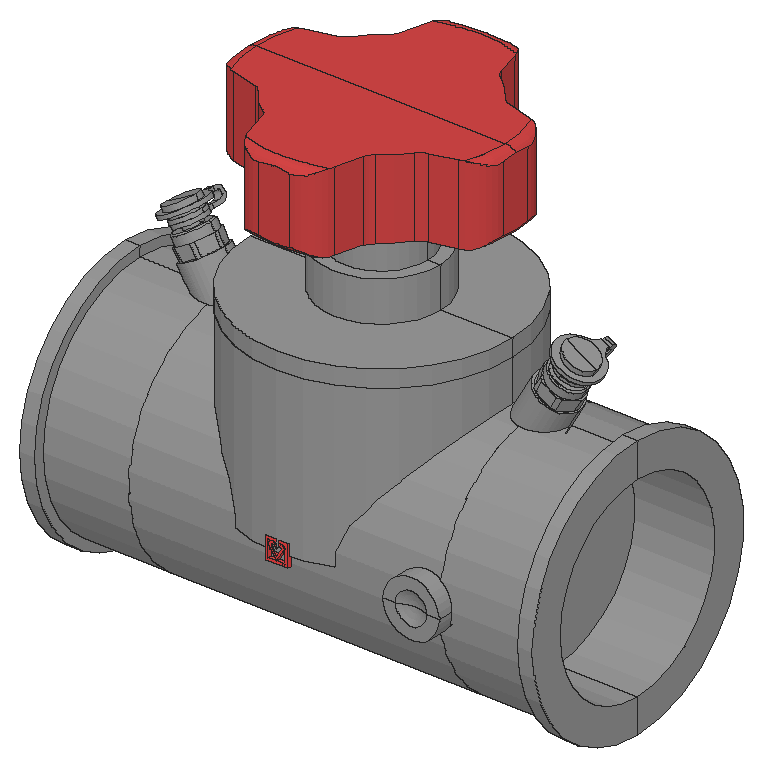
Revit family "Strangregulierventil für Differenzdruckmessung, Geradsitzform 4217 GM", category Rohrzubehör, Revit 2021
Family settings
  Bemaßung runder Anschluss = Durchmesser verwenden
  Teiletyp = Unterbricht
  OmniClass-Nummer = 23.65.55.14
  OmniClass-Titel = Valves for Liquid Services
  Arbeitsebenenbasiert = Nein
  Immer vertikal = Ja
  Beim Laden mit Abzugskörper schneiden = Nein
  Gemeinsam genutzt = Nein
Parameters
  kvs-Wert [instance] = if(Nennweite = 15.00 mm, 6.05, if(Nennweite = 20.00 mm, 6.11, if(Nennweite = 25.00 mm, 9.22, if(Nennweite = 32.00 mm, 18.83, if(Nennweite = 40.00 mm, 23.29, if(Nennweite = 50.00 mm, 35.26, if(Nennweite = 65.00 mm, 52.11, if(Nennweite = 80.00 mm, 76.1, 0))))))))  # 76.1
  W02 = 60.00°  # constant formula
  W01 = 30.00°  # constant formula
  Vorgabe-Ansicht = 0.00 mm
  URL = "www.herz-armaturen.at"
  SC_NennweiteBerechnet = 0
  SC_Dimension = ""
  SCRNSEQ = "ARM;ARM_TYP=\"STRV\";2"
  SCRNCODE = "05;07;02"  # constant formula
  S02 = 60.00 mm  # constant formula
  S01 [instance] = H00 + H01  # 119.31 mm
  R01 [instance] = size_lookup("4217_GM_", "R1", 1.00 mm, Nennweite)  # 53.00 mm
  Nennweite [instance] = 80.00 mm
  Medium = "Heizwasserqualität entsprechend ÖNORM H 5195 bzw. VDI-Richtlinie 2035.\r\nDie Verwendung von Ethylen- und Propylenglykol ist im Mischungsverhältnis 25 - 50 Vol. % zulässig."
  Max. Betriebstemperatur (bis DN32) = 130 °C  # constant formula
  Max. Betriebstemperatur (ab DN40) = 110 °C  # constant formula
  Max. Betriebsdruck = 1600000.0 Pa  # constant formula
  ML02 [instance] = size_lookup("4217_GM_", "ML2", 1.00 mm, Nennweite)  # 70.50 mm
  ML01 [instance] = size_lookup("4217_GM_", "ML1", 1.00 mm, Nennweite)  # 37.35 mm
  MD01 = 9.50 mm  # constant formula
  L02 [instance] = size_lookup("4217_GM_", "L2", 1.00 mm, Nennweite)  # 6.00 mm
  L01 [instance] = size_lookup("4217_GM_", "L1", 1.00 mm, Nennweite)  # 41.30 mm
  L00 [instance] = size_lookup("4217_GM_", "L", 1.00 mm, Nennweite)  # 210.00 mm
  IG [instance] = Nennweite / 2  # 40.00 mm
  Hersteller = "HERZ Armaturen Ges.m.b.H."  # constant formula
  H04 [instance] = size_lookup("4217_GM_", "H4", 1.00 mm, Nennweite)  # 19.00 mm
  H03 = 10.00 mm  # constant formula
  H02 [instance] = size_lookup("4217_GM_", "H2", 1.00 mm, Nennweite)  # 7.00 mm
  H01 [instance] = size_lookup("4217_GM_", "H1", 1.00 mm, Nennweite)  # 52.60 mm
  H00 [instance] = size_lookup("4217_GM_", "H", 1.00 mm, Nennweite)  # 66.71 mm
  Gewicht [instance] = if(Nennweite = 15.00 mm, "0.85 kg", if(Nennweite = 20.00 mm, "1.22 kg", if(Nennweite = 25.00 mm, "1.55 kg", if(Nennweite = 32.00 mm, "1.88 kg", if(Nennweite = 40.00 mm, "2.34 kg", if(Nennweite = 50.00 mm, "3.74 kg", if(Nennweite = 65.00 mm, "5.23 kg", if(Nennweite = 80.00 mm, "6.97 kg", "0 kg"))))))))  # "6.97 kg"
  Gehäuse = "DZR-Messing"  # constant formula
  GT [instance] = size_lookup("4217_GM_", "GT", 1.00 mm, Nennweite)  # 33.30 mm
  Einbaulage = "Bedingt durch die senkrecht zur Ventilachse angeordnete, nichtsteigende Ventilspindel ist für jede Einbaulage optimale Zugängigkeit und Bedienbarkeit des Ventils gewährleistet."
  Differenzdruckmessung = "STRÖMAX-GM Strangregulierventil ist mit zwei Messventilen ausgestattet.\r\nBei Verwendung eines geeigneten Messgerätes kann der Differenzdruck gemessen und dadurch die jeweilige Durchflussmenge in Abhängigkeit der Einstellstufe ermittelt werden.\r\nAm HERZ-Messcomputer (1 8900 05) ist außerdem direkt die jeweilige Durchflussmenge ablesbar."
  DN80 [instance] = Nennweite = 80.00 mm  # yes
  DN65 [instance] = Nennweite = 65.00 mm  # no
  DN50_DN80 [instance] = or(Nennweite = 50.00 mm, Nennweite = 65.00 mm, Nennweite = 80.00 mm)  # yes
  DN50-DN80 [instance] = H00 + H01  # 119.31 mm
  DN50 [instance] = Nennweite = 50.00 mm  # no
  DN40 [instance] = Nennweite = 40.00 mm  # no
  DN32 [instance] = Nennweite = 32.00 mm  # no
  DN25 [instance] = Nennweite = 25.00 mm  # no
  DN20 [instance] = Nennweite = 20.00 mm  # no
  DN15_DN40 [instance] = or(Nennweite = 15.00 mm, Nennweite = 20.00 mm, Nennweite = 25.00 mm, Nennweite = 32.00 mm, Nennweite = 40.00 mm)  # no
  DN15-DN40 [instance] = H00 + H01  # 119.31 mm
  DN15 [instance] = Nennweite = 15.00 mm  # no
  D06 [instance] = size_lookup("4217_GM_", "D6", 1.00 mm, Nennweite)  # 24.30 mm
  D05 [instance] = size_lookup("4217_GM_", "D5", 1.00 mm, Nennweite)  # 19.00 mm
  D04 = 9.00 mm  # constant formula
  D03 [instance] = size_lookup("4217_GM_", "D3", 1.00 mm, Nennweite)  # 53.80 mm
  D02 [instance] = size_lookup("4217_GM_", "D2", 1.00 mm, Nennweite)  # 54.00 mm
  D01 [instance] = size_lookup("4217_GM_", "D1", 1.00 mm, Nennweite)  # 50.00 mm
  Bestellnummer [instance] = size_lookup("4217_GM_", "Artnr", 0, Nennweite)  # 1421708
  Ausführung = "STRÖMAX-GM Strangregulierventil mit Messventilen, 1/2′′ – 3′′\r\nGeradesitzform, gelbe Ausführung, Muffe x Muffe, nichtsteigende Spindel, Spindelabdichtung durch Doppel-O-Ring,Voreinstellung durch Hubbegrenzung mittels Innenspindel, digitale Anzeige der Voreinstellstufe im Handradfenster.\r\n2 Messventile sind neben dem Handrad montiert."
  Anwendungen = "Zum hydraulischen Abgleich in Heiz- oder Kühlanlagen, Einregulieren von Verteilleitungen, Strängen, Wärmetauschern, Heiz- und Kühlregistern."
Reference planes
  plane 1 "Mitte (Vorne/hinten)": y = 0
  plane 2: z = 0
  plane 3 "Mitte (Links/rechts)": x = 0
Forms (mm)
  Revolve 1, solid, material "Messing, weicher Gelbton, geschweißt", detail levels fine
    sketch origin (0, 0, 0) x (1, 0, 0) y (0, 0, 1)
      loop
        line (-105, 54) -> (-105, 40) -> (-71.7, 40) -> (-71.7, 0) -> (71.7, 0) -> (71.7, 40) -> (105, 40) -> (105, 54) -> (99, 54) -> (99, 50) -> (63.7, 50)
        arc (63.7, 50) -> (0, 53) -> (-63.7, 50) r 677.782
        line (-63.7, 50) -> (-99, 50) -> (-99, 54) -> (-105, 54)
      axis (-105, 0) -> (105, 0)
    angle from 0 to 360
  Revolve 2, solid, material "Messing, weicher Gelbton, geschweißt", detail levels fine
    sketch origin (0, 0, 0) x (1, 0, 0) y (0, 0, 1)
      loop
        line (37.35, 0) -> (72.6, 61.055) -> (64.373, 65.805) -> (29.123, 4.75) -> (37.35, 0)
      axis (37.35, 0) -> (72.6, 61.055)
    angle from 0 to 360
  Revolve 3, solid, material "Messing, weicher Gelbton, geschweißt", detail levels fine
    sketch origin (0, 0, 0) x (1, 0, 0) y (0, 0, 1)
      loop
        line (0, 0) -> (0, 66.71) -> (-53.8, 66.71) -> (-53.8, 0) -> (0, 0)
      axis (0, 66.71) -> (0, 0)
    angle from 0 to 360
  Revolve 4, solid, material "Messing, weicher Gelbton, geschweißt", detail levels fine
    sketch origin (0, 0, 0) x (-1, 0, 0) y (0, 0, 1)
      loop
        line (37.35, 0) -> (72.6, 61.055) -> (64.373, 65.805) -> (29.123, 4.75) -> (37.35, 0)
      axis (37.35, 0) -> (72.6, 61.055)
    angle from 0 to 360
  Revolve 5, solid, material "Messing, weicher Gelbton, geschweißt", visible <- "DN65", detail levels fine
    sketch origin (0, 0, 0) x (1, 0, 0) y (0, 1, 0)
      loop
        line (60, 47.945) -> (60, -47.945)
        arc (60, -47.945) -> (63.368, -48.598) -> (66.5, -50) r 15
        line (66.5, -50) -> (71.5, -50) -> (71.5, 50) -> (66.5, 50)
        arc (66.5, 50) -> (63.368, 48.598) -> (60, 47.945) r 15
      axis (60, 50) -> (60, -50)
    angle from 0 to 360
  Revolve 6, solid, material "Messing, weicher Gelbton, geschweißt", detail levels fine
    sketch origin (0, 0, 0) x (1, 0, 0) y (0, 0, 1)
      loop
        line (0, 66.71) -> (0, 119.31) -> (-9, 119.31) -> (-9, 109.31) -> (-19, 109.31) -> (-19, 90.31) -> (-24.3, 90.31) -> (-24.3, 73.71) -> (-53.8, 73.71) -> (-53.8, 66.71) -> (0, 66.71)
      axis (0, 119.31) -> (0, 66.71)
    angle from 0 to 360
  Revolve 7, solid, material "Messing, weicher Gelbton, geschweißt", visible <- "DN80", detail levels fine
    sketch origin (0, 0, 0) x (1, 0, 0) y (0, 1, 0)
      loop
        line (57, 53.945) -> (57, -53.945)
        arc (57, -53.945) -> (60.368, -54.598) -> (63.5, -56) r 15
        line (63.5, -56) -> (68.5, -56) -> (68.5, 56) -> (63.5, 56)
        arc (63.5, 56) -> (60.368, 54.598) -> (57, 53.945) r 15
      axis (57, 56) -> (57, -56)
    angle from 0 to 360
Lines and regions (mm)
  model lines, detail levels coarse+medium
    curve 1: line (-105, 0, 54) -> (-105, 0, -54)
    curve 2: line (-105, 0, -54) -> (105, 0, 54)
    curve 3: line (105, 0, 54) -> (105, 0, -54)
    curve 4: line (105, 0, -54) -> (-105, 0, 54)
    curve 5: line (0, 0, 0) -> (68.884, 0, 119.31)
    curve 6: line (42.903, 0, 134.31) -> (94.864, 0, 104.31)
    curve 7: line (-105, 54, 0) -> (-105, -54, 0)
    curve 8: line (-105, -54, 0) -> (105, 54, 0)
    curve 9: line (105, 54, 0) -> (105, -54, 0)
    curve 10: line (105, -54, 0) -> (-105, 54, 0)
    curve 11: line (0, 0, 0) -> (68.884, 119.31, 0)
    curve 12: line (42.903, 134.31, 0) -> (94.864, 104.31, 0)
Dimensions and locks
  "IG": Revolve 1 sketch curve to plane 2
  "GT": Revolve 1 sketch curve to Revolve 1 sketch curve  (x2)
  "IG": Revolve 1 sketch curve to Revolve 1 sketch curve
  "D01": Revolve 1 sketch curve to Revolve 1 sketch curve  (x2)
  "R01": Revolve 1 sketch curve to Revolve 1 sketch curve
  "L02": Revolve 1 sketch curve to Revolve 1 sketch curve  (x2)
  "L01": Revolve 1 sketch curve to Revolve 1 sketch curve  (x2)
  "D02": Revolve 1 sketch curve to plane 2  (x2)
  equal spacing: Revolve 1 sketch curve, plane 3 "Mitte (Links/rechts)", Revolve 1 sketch curve
  "L00": Revolve 1 sketch curve to Revolve 1 sketch curve
  "R01": nested 1 to plane 1 "Mitte (Vorne/hinten)"
  "ML01": Revolve 2 sketch curve to plane 3 "Mitte (Links/rechts)"
  "H00": Revolve 3 sketch curve to plane 2
  "D03": Revolve 3 sketch curve to Revolve 3 sketch curve
  "ML02": Revolve 2 sketch curve to Revolve 2 sketch curve
  "MD01": Revolve 2 sketch curve to Revolve 2 sketch curve  (x2)
  "ML02": Revolve 4 sketch curve to Revolve 4 sketch curve
  "MD01": Revolve 4 sketch curve to Revolve 4 sketch curve  (x2)
  "ML01": plane 3 "Mitte (Links/rechts)" to Revolve 4 sketch curve
  Revolve 5 sketch curve to Revolve 1 = 45.00 mm
  Revolve 5 sketch curve to Revolve 5 sketch curve = 11.50 mm  (x2)
  Revolve 5 sketch curve to plane 1 "Mitte (Vorne/hinten)" to Revolve 5 sketch curve = 50.00 mm, 50.00 mm
  "H00": Revolve 6 sketch curve to plane 2
  "H01": Revolve 6 sketch curve to Revolve 6 sketch curve
  "D04": Revolve 6 sketch curve to Revolve 6 sketch curve
  "D03": Revolve 6 sketch curve to Revolve 6 sketch curve
  "D05": Revolve 6 sketch curve to Revolve 6 sketch curve
  "D06": Revolve 6 sketch curve to Revolve 6 sketch curve
  "H02": Revolve 6 sketch curve to Revolve 6 sketch curve
  "H03": Revolve 6 sketch curve to Revolve 6 sketch curve
  "H04": Revolve 6 sketch curve to Revolve 6 sketch curve
  Revolve 7 sketch curve to Revolve 1 = 48.00 mm
  Revolve 7 sketch curve to Revolve 7 sketch curve = 11.50 mm  (x2)
  Revolve 7 sketch curve to plane 1 "Mitte (Vorne/hinten)" to Revolve 7 sketch curve = 56.00 mm, 56.00 mm
  "DN15-DN40": nested 2 to plane 2
  "DN50-DN80": nested 3 to plane 2
  "D02": curve 4 to plane 2 to curve 2
  "D02": curve 3 to plane 2 to curve 4
  equal spacing: curve 1, plane 3 "Mitte (Links/rechts)", curve 3
  "L00": curve 1 to curve 3
  equal spacing: Revolve 1, curve 5, Revolve 1
  "S01": curve 5 to plane 2
  equal spacing: curve 6, curve 5, curve 6
  "S02": curve 6 to curve 6
  "D02": curve 8 to plane 1 "Mitte (Vorne/hinten)" to curve 10
  "D02": curve 10 to plane 1 "Mitte (Vorne/hinten)" to curve 9
  equal spacing: curve 7, plane 3 "Mitte (Links/rechts)", curve 9
  "L00": curve 7 to curve 9
  equal spacing: curve 7, curve 11, curve 9
  "S01": plane 1 "Mitte (Vorne/hinten)" to curve 11
  equal spacing: curve 12, curve 11, curve 12
  "S02": curve 12 to curve 12
  radius of Revolve 5 sketch curve = 15.00 mm  (x2)
  radius of Revolve 7 sketch curve = 15.00 mm  (x2)
  "W01": angle Revolve 2 sketch curve to plane 3 "Mitte (Links/rechts)"  (x2)
  "W01": angle plane 3 "Mitte (Links/rechts)" to Revolve 4 sketch curve  (x2)
  "W02": angle plane 2 to curve 5
  "W02": angle plane 1 "Mitte (Vorne/hinten)" to curve 11
  aligned and locked: level to plane 2
Automatic sketch dimensions
  Revolve 5 sketch curve to Revolve 5 sketch curve = 1.153 mm  (x2)
  Revolve 5 sketch curve to Revolve 5 sketch curve = 5.00 mm  (x2)
  Revolve 5 sketch curve to Revolve 5 sketch curve = 2.854 mm  (x2)
  Revolve 7 sketch curve to Revolve 7 sketch curve = 1.153 mm  (x2)
  Revolve 7 sketch curve to Revolve 7 sketch curve = 5.00 mm  (x2)
  Revolve 7 sketch curve to Revolve 7 sketch curve = 8.854 mm  (x2)
  Revolve 1 sketch curve to level = 0.00 mm  (x2)
  Revolve 1 sketch curve to Revolve 1 sketch curve = 1429.986 mm
  Revolve 1 sketch curve to Revolve 1 sketch curve = 1762.604 mm
  Revolve 2 sketch curve to level = 0.00 mm  (x2)
  Revolve 3 sketch curve to level = 0.00 mm
  Revolve 3 sketch curve to plane 3 "Mitte (Links/rechts)" = 0.00 mm  (x2)
  Revolve 3 sketch curve to Revolve 3 sketch curve = 366.045 mm
  Revolve 3 sketch curve to Revolve 3 sketch curve = 2179.415 mm
  Revolve 4 sketch curve to level = 0.00 mm  (x2)
  Revolve 6 sketch curve to plane 3 "Mitte (Links/rechts)" = 0.00 mm  (x2)
  Revolve 6 sketch curve to level = 366.045 mm
  Revolve 6 sketch curve to Revolve 6 sketch curve = 2146.115 mm
Nested families
  nested 1: "Herz-Logo-vorne" at (0, -53, 0) x (0, 1, 0) z (0, 0, 1), type "Herz-Logo-vorne", detail levels fine
  nested 2: "Strangregulierventil-Handrad-Gerade (Rot) DN15-DN40" at (0, 0, 119.31), visible <- "DN15_DN40", type "Strangregulierventil-Handrad-Gerade (Rot) DN15-DN40", detail levels fine
    with Nennweite 0.00 mm, Gewicht 0.00 kg, Bestellnummer 0
  nested 3: "Strangregulierventil-Handrad-Gerade (Rot) DN50-DN80" at (0, 0, 119.31), visible <- "DN50_DN80", type "Strangregulierventil-Handrad-Gerade (Rot) DN50-DN80", detail levels fine
    with Nennweite 0.00 mm, Gewicht 0.00 kg, Bestellnummer 0
  nested 4: "Messstutzen_Band_Austritt_30Grad_(oben)" at (47.24, 0, 34.901), visible <- "DN50", type "Messstutzen_Band_Austritt_30Grad_(oben)", detail levels fine
    with Schutzkappe yes, Nennweite 0.00 mm, Gewicht 0.00 kg, Bestellnummer 0
  nested 5: "Messstutzen_Band_Eintritt_30Grad_(oben)" at (-47.24, 0, 34.901) x (-1, 0, 0) z (0, 0, 1), visible <- "DN50", type "Messstutzen_Band_Eintritt_30Grad_(oben)", detail levels fine
    with Schutzkappe yes, Nennweite 0.00 mm, Gewicht 0.00 kg, Bestellnummer 0
  nested 6: "Messstutzen_Band_Austritt_30Grad_(oben)" at (27.02, 0, 10.999), visible <- "DN15", type "Messstutzen_Band_Austritt_30Grad_(oben)", detail levels fine
    with Schutzkappe yes, Nennweite 0.00 mm, Gewicht 0.00 kg, Bestellnummer 0
  nested 7: "Messstutzen_Band_Eintritt_30Grad_(oben)" at (-27.02, 0, 10.999) x (-1, 0, 0) z (0, 0, 1), visible <- "DN15", type "Messstutzen_Band_Eintritt_30Grad_(oben)", detail levels fine
    with Schutzkappe yes, Nennweite 0.00 mm, Gewicht 0.00 kg, Bestellnummer 0
  nested 8: "Messstutzen_Band_Eintritt_30Grad_(oben)" at (-24.855, 0, 13.553) x (-1, 0, 0) z (0, 0, 1), visible <- "DN20", type "Messstutzen_Band_Eintritt_30Grad_(oben)", detail levels fine
    with Schutzkappe yes, Nennweite 0.00 mm, Gewicht 0.00 kg, Bestellnummer 0
  nested 9: "Messstutzen_Band_Austritt_30Grad_(oben)" at (24.855, 0, 13.553), visible <- "DN20", type "Messstutzen_Band_Austritt_30Grad_(oben)", detail levels fine
    with Schutzkappe yes, Nennweite 0.00 mm, Gewicht 0.00 kg, Bestellnummer 0
  nested 10: "Messstutzen_Band_Eintritt_30Grad_(oben)" at (-29.265, 0, 17.883) x (-1, 0, 0) z (0, 0, 1), visible <- "DN25", type "Messstutzen_Band_Eintritt_30Grad_(oben)", detail levels fine
    with Schutzkappe yes, Nennweite 0.00 mm, Gewicht 0.00 kg, Bestellnummer 0
  nested 11: "Messstutzen_Band_Austritt_30Grad_(oben)" at (29.265, 0, 17.883), visible <- "DN25", type "Messstutzen_Band_Austritt_30Grad_(oben)", detail levels fine
    with Schutzkappe yes, Nennweite 0.00 mm, Gewicht 0.00 kg, Bestellnummer 0
  nested 12: "Messstutzen_Band_Eintritt_30Grad_(oben)" at (-37.74, 0, 24.595) x (-1, 0, 0) z (0, 0, 1), visible <- "DN32", type "Messstutzen_Band_Eintritt_30Grad_(oben)", detail levels fine
    with Schutzkappe yes, Nennweite 0.00 mm, Gewicht 0.00 kg, Bestellnummer 0
  nested 13: "Messstutzen_Band_Austritt_30Grad_(oben)" at (37.74, 0, 24.595), visible <- "DN32", type "Messstutzen_Band_Austritt_30Grad_(oben)", detail levels fine
    with Schutzkappe yes, Nennweite 0.00 mm, Gewicht 0.00 kg, Bestellnummer 0
  nested 14: "Messstutzen_Band_Eintritt_30Grad_(oben)" at (-42.8, 0, 28.665) x (-1, 0, 0) z (0, 0, 1), visible <- "DN40", type "Messstutzen_Band_Eintritt_30Grad_(oben)", detail levels fine
    with Schutzkappe yes, Nennweite 0.00 mm, Gewicht 0.00 kg, Bestellnummer 0
  nested 15: "Messstutzen_Band_Austritt_30Grad_(oben)" at (42.8, 0, 28.665), visible <- "DN40", type "Messstutzen_Band_Austritt_30Grad_(oben)", detail levels fine
    with Schutzkappe yes, Nennweite 0.00 mm, Gewicht 0.00 kg, Bestellnummer 0
  nested 16: "Messstutzen_Band_Eintritt_30Grad_(oben)" at (-54.5, 0, 38.105) x (-1, 0, 0) z (0, 0, 1), visible <- "DN65", type "Messstutzen_Band_Eintritt_30Grad_(oben)", detail levels fine
    with Schutzkappe yes, Nennweite 0.00 mm, Gewicht 0.00 kg, Bestellnummer 0
  nested 17: "Messstutzen_Band_Austritt_30Grad_(oben)" at (54.5, 0, 38.105), visible <- "DN65", type "Messstutzen_Band_Austritt_30Grad_(oben)", detail levels fine
    with Schutzkappe yes, Nennweite 0.00 mm, Gewicht 0.00 kg, Bestellnummer 0
  nested 18: "Messstutzen_Band_Eintritt_30Grad_(oben)" at (-63.85, 0, 45.899) x (-1, 0, 0) z (0, 0, 1), visible <- "DN80", type "Messstutzen_Band_Eintritt_30Grad_(oben)", detail levels fine
    with Schutzkappe yes, Nennweite 0.00 mm, Gewicht 0.00 kg, Bestellnummer 0
  nested 19: "Messstutzen_Band_Austritt_30Grad_(oben)" at (63.85, 0, 45.899), visible <- "DN80", type "Messstutzen_Band_Austritt_30Grad_(oben)", detail levels fine
    with Schutzkappe yes, Nennweite 0.00 mm, Gewicht 0.00 kg, Bestellnummer 0
Connectors
  piping at (-71.7, 0, 0), diameter 80, driven by "Nennweite"
    settings: on Revolve 1, index 1, connector inside diameter 609.6 mm, connector length 0.00 mm, flow factor 0, pipe flow 0.0 L/s, pressure drop 0.0 Pa, fitting loss kfactor 0, connector angle 0.00°, fixture units 0, engagement length 0.00 mm, angle of deflection 0.00°, flow configuration 0, flow direction 1, fitting loss method 0, system type 29, joint type 0, gender type 0, connector reference index -1, connector utility 0, adjustable connector no, is connector primary yes, connector description ""
  piping at (71.7, 0, 0), diameter 80, driven by "Nennweite"
    settings: on Revolve 1, index 2, connector inside diameter 609.6 mm, connector length 0.00 mm, flow factor 0, pipe flow 0.0 L/s, pressure drop 0.0 Pa, fitting loss kfactor 0, connector angle 0.00°, fixture units 0, engagement length 0.00 mm, angle of deflection 0.00°, flow configuration 0, flow direction 2, fitting loss method 0, system type 29, joint type 0, gender type 0, connector reference index -1, connector utility 0, adjustable connector no, is connector primary no, connector description ""
Definition of nested family "Herz-Logo-vorne"
  Parameters (values of type "Herz-Logo-vorne")
    Default Elevation = 0.00 mm
  Reference planes
    plane 1 "Mitte (Vorne/hinten)": y = 0
    plane 2: z = 0
    plane 3 "Mitte (Links/rechts)": x = 0
  Forms (mm)
    Extrusion 1, solid
      sketch origin (0.732, -0.018, 0.017) x (0, -1, 0) y (0, 0, 1)
        loop
          line (-0.018, -4.517) -> (4.482, -4.517) -> (4.482, 4.483) -> (-4.518, 4.483) -> (-4.518, -4.517) -> (-0.018, -4.517)
        loop
          line (-0.05, -3.48) -> (3.482, -3.48) -> (3.482, 3.483) -> (-3.518, 3.483) -> (-3.518, -3.48) -> (-0.05, -3.48)
        loop
          arc (-0.018, 2.383) -> (-1.543, 3.287) -> (-3.067, 2.383) r 1.738
          arc (-3.067, 2.383) -> (-3.191, 1.899) -> (-3.067, 1.415) r 1.009
          line (-3.067, 1.415) -> (-0.018, -3.281) -> (3.032, 1.415)
          arc (3.032, 1.415) -> (3.156, 1.899) -> (3.032, 2.383) r 1.009
          arc (3.032, 2.383) -> (1.507, 3.287) -> (-0.018, 2.383) r 1.738
        loop
          arc (1.885, 1.272) -> (2.005, 1.675) -> (1.885, 2.079) r 0.74
          arc (1.885, 2.079) -> (1.265, 2.416) -> (0.644, 2.079) r 0.74
          line (0.644, 2.079) -> (-0.018, 0.97) -> (-0.679, 2.079)
          arc (-0.679, 2.079) -> (-1.3, 2.416) -> (-1.921, 2.079) r 0.74
          arc (-1.921, 2.079) -> (-2.04, 1.675) -> (-1.921, 1.272) r 0.74
          line (-1.921, 1.272) -> (-0.018, -1.658) -> (1.885, 1.272)
      from 0 to 1.5
  Dimensions and locks
    aligned and locked: level to plane 2
Definition of nested family "Strangregulierventil-Handrad-Gerade (Rot) DN15-DN40"
  Parameters (values of type "Strangregulierventil-Handrad-Gerade (Rot) DN15-DN40")
    Default Elevation = 0.00 mm
    URL = "www.herz-armaturen.at"
    Nennweite [instance] = 0.00 mm
    Manufacturer = "Herz Armaturen GmbH"  # constant formula
    Gewicht [instance] = 0.00 kg
    Bestellnummer [instance] = 0
  Reference planes
    plane 1 "Mitte (Vorne/hinten)": y = 0
    plane 2: z = 0
    plane 3 "Mitte (Links/rechts)": x = 0
  Forms (mm)
    Revolve 1, solid, detail levels fine
      sketch origin (0, 0, 0) x (1, 0, 0) y (0, 0, 1)
        loop
          line (0, 0) -> (0, 24.95) -> (-30.992, 24.95)
          arc (-30.992, 24.95) -> (-34.37, 23.636) -> (-35.973, 20.386) r 5
          line (-35.973, 20.386) -> (-37, 8.65) -> (-35.986, -2.936)
          arc (-35.986, -2.936) -> (-34.383, -6.186) -> (-31.005, -7.5) r 5
          line (-31.005, -7.5) -> (-15, -7.5) -> (-15, 0) -> (0, 0)
        axis (0, 24.95) -> (0, -7.5)
      angle from 0 to 360
    Extrusion 2, void
      sketch origin (0, 0, 20.3) x (1, 0, 0) y (0, 1, 0)
        loop
          line (3.861, 35.5) -> (-3.861, 35.5)
          arc (-3.861, 35.5) -> (-8.731, 33.847) -> (-11.589, 29.571) r 8
          line (-11.589, 29.571) -> (-13.284, 23.245)
          arc (-13.284, 23.245) -> (-13.982, 21.722) -> (-15.144, 20.516) r 5
          arc (-15.144, 20.516) -> (-18.031, 18.031) -> (-20.516, 15.144) r 25.5
          arc (-20.516, 15.144) -> (-21.722, 13.982) -> (-23.245, 13.284) r 5
          line (-23.245, 13.284) -> (-29.571, 11.589)
          arc (-29.571, 11.589) -> (-33.847, 8.731) -> (-35.5, 3.861) r 8
          line (-35.5, 3.861) -> (-35.5, -3.861)
          arc (-35.5, -3.861) -> (-33.847, -8.731) -> (-29.571, -11.589) r 8
          line (-29.571, -11.589) -> (-23.245, -13.284)
          arc (-23.245, -13.284) -> (-21.722, -13.982) -> (-20.516, -15.144) r 5
          arc (-20.516, -15.144) -> (-18.031, -18.031) -> (-15.144, -20.516) r 25.5
          arc (-15.144, -20.516) -> (-13.982, -21.722) -> (-13.284, -23.245) r 5
          line (-13.284, -23.245) -> (-11.589, -29.571)
          arc (-11.589, -29.571) -> (-8.731, -33.847) -> (-3.861, -35.5) r 8
          line (-3.861, -35.5) -> (3.861, -35.5)
          arc (3.861, -35.5) -> (8.731, -33.847) -> (11.589, -29.571) r 8
          line (11.589, -29.571) -> (13.284, -23.245)
          arc (13.284, -23.245) -> (13.982, -21.722) -> (15.144, -20.516) r 5
          arc (15.144, -20.516) -> (18.031, -18.031) -> (20.516, -15.144) r 25.5
          arc (20.516, -15.144) -> (21.722, -13.982) -> (23.245, -13.284) r 5
          line (23.245, -13.284) -> (29.571, -11.589)
          arc (29.571, -11.589) -> (33.847, -8.731) -> (35.5, -3.861) r 8
          line (35.5, -3.861) -> (35.5, 3.861)
          arc (35.5, 3.861) -> (33.847, 8.731) -> (29.571, 11.589) r 8
          line (29.571, 11.589) -> (23.245, 13.284)
          arc (23.245, 13.284) -> (21.722, 13.982) -> (20.516, 15.144) r 5
          arc (20.516, 15.144) -> (18.031, 18.031) -> (15.144, 20.516) r 25.5
          arc (15.144, 20.516) -> (13.982, 21.722) -> (13.284, 23.245) r 5
          line (13.284, 23.245) -> (11.589, 29.571)
          arc (11.589, 29.571) -> (8.731, 33.847) -> (3.861, 35.5) r 8
        loop
          circle (0, 0) r 38
      from -31.266 to 7.923
  Cuts and joins
    Extrusion 2 cuts Revolve 1
  Dimensions and locks
    Revolve 1 sketch curve to Revolve 1 sketch curve = 15.00 mm
    Revolve 1 sketch curve to Revolve 1 sketch curve = 16.15 mm
    Revolve 1 sketch curve to Revolve 1 sketch curve = 16.30 mm
    angle Revolve 1 sketch curve to Revolve 1 sketch curve = 95.00°
    aligned and locked: level to plane 2
Definition of nested family "Strangregulierventil-Handrad-Gerade (Rot) DN50-DN80"
  Parameters (values of type "Strangregulierventil-Handrad-Gerade (Rot) DN50-DN80")
    Default Elevation = 0.00 mm
    URL = "www.herz-armaturen.at"
    Nennweite [instance] = 0.00 mm
    Manufacturer = "Herz Armaturen GmbH"  # constant formula
    Gewicht [instance] = 0.00 kg
    Bestellnummer [instance] = 0
  Reference planes
    plane 1 "Mitte (Vorne/hinten)": y = 0
    plane 2: z = 0
    plane 3 "Mitte (Links/rechts)": x = 0
  Forms (mm)
    Revolve 1, solid, detail levels fine
      sketch origin (0, 0, 0) x (1, 0, 0) y (0, 0, 1)
        loop
          line (0, 0) -> (0, 24.95) -> (-50.992, 24.95)
          arc (-50.992, 24.95) -> (-54.37, 23.636) -> (-55.973, 20.386) r 5
          line (-55.973, 20.386) -> (-57, 8.65) -> (-55.986, -2.936)
          arc (-55.986, -2.936) -> (-54.383, -6.186) -> (-51.005, -7.5) r 5
          line (-51.005, -7.5) -> (-15, -7.5) -> (-15, 0) -> (0, 0)
        axis (0, 24.95) -> (0, -7.5)
      angle from 0 to 360
    Extrusion 2, void
      sketch origin (0, 0, 20.3) x (1, 0, 0) y (0, 1, 0)
        loop
          line (-55, 6.292) -> (-55, -6.292)
          arc (-55, -6.292) -> (-52.52, -13.597) -> (-46.106, -17.883) r 12
          line (-46.106, -17.883) -> (-35.399, -20.752)
          arc (-35.399, -20.752) -> (-33.541, -21.612) -> (-32.08, -23.047) r 6
          arc (-32.08, -23.047) -> (-27.931, -27.931) -> (-23.047, -32.08) r 39.5
          arc (-23.047, -32.08) -> (-21.612, -33.541) -> (-20.752, -35.399) r 6
          line (-20.752, -35.399) -> (-17.883, -46.106)
          arc (-17.883, -46.106) -> (-13.597, -52.52) -> (-6.292, -55) r 12
          line (-6.292, -55) -> (6.292, -55)
          arc (6.292, -55) -> (13.597, -52.52) -> (17.883, -46.106) r 12
          line (17.883, -46.106) -> (20.752, -35.399)
          arc (20.752, -35.399) -> (21.612, -33.541) -> (23.047, -32.08) r 6
          arc (23.047, -32.08) -> (27.931, -27.931) -> (32.08, -23.047) r 39.5
          arc (32.08, -23.047) -> (33.541, -21.612) -> (35.399, -20.752) r 6
          line (35.399, -20.752) -> (46.106, -17.883)
          arc (46.106, -17.883) -> (52.52, -13.597) -> (55, -6.292) r 12
          line (55, -6.292) -> (55, 6.292)
          arc (55, 6.292) -> (52.52, 13.597) -> (46.106, 17.883) r 12
          line (46.106, 17.883) -> (35.399, 20.752)
          arc (35.399, 20.752) -> (33.541, 21.612) -> (32.08, 23.047) r 6
          arc (32.08, 23.047) -> (27.931, 27.931) -> (23.047, 32.08) r 39.5
          arc (23.047, 32.08) -> (21.612, 33.541) -> (20.752, 35.399) r 6
          line (20.752, 35.399) -> (17.883, 46.106)
          arc (17.883, 46.106) -> (13.597, 52.52) -> (6.292, 55) r 12
          line (6.292, 55) -> (-6.292, 55)
          arc (-6.292, 55) -> (-13.597, 52.52) -> (-17.883, 46.106) r 12
          line (-17.883, 46.106) -> (-20.752, 35.399)
          arc (-20.752, 35.399) -> (-21.612, 33.541) -> (-23.047, 32.08) r 6
          arc (-23.047, 32.08) -> (-27.931, 27.931) -> (-32.08, 23.047) r 39.5
          arc (-32.08, 23.047) -> (-33.541, 21.612) -> (-35.399, 20.752) r 6
          line (-35.399, 20.752) -> (-46.106, 17.883)
          arc (-46.106, 17.883) -> (-52.52, 13.597) -> (-55, 6.292) r 12
        loop
          circle (0, 0) r 60
      from -31.161 to 7.489
  Cuts and joins
    Extrusion 2 cuts Revolve 1
  Dimensions and locks
    Revolve 1 sketch curve to Revolve 1 sketch curve = 15.00 mm
    Revolve 1 sketch curve to Revolve 1 sketch curve = 16.15 mm
    Revolve 1 sketch curve to Revolve 1 sketch curve = 16.30 mm
    Revolve 1 sketch curve to Revolve 1 sketch curve = 57.00 mm
    angle Revolve 1 sketch curve to Revolve 1 sketch curve = 95.00°
    aligned and locked: level to plane 2
Definition of nested family "Messstutzen_Band_Austritt_30Grad_(oben)"
  Parameters (values of type "Messstutzen_Band_Austritt_30Grad_(oben)")
    Default Elevation = 0.00 mm
    URL = "www.herz-armaturen.at"
    Schutzkappe [instance] = yes
    Nennweite [instance] = 0.00 mm
    Manufacturer = "Herz Armaturen GmbH"  # constant formula
    Gewicht [instance] = 0.00 kg
    Bestellnummer [instance] = 0
  Reference planes
    plane 1 "Mitte (Vorne/hinten)": y = 0
    plane 2: z = 0
    plane 3 "Mitte (Links/rechts)": x = 0
  Forms (mm)
    Revolve 1, solid, detail levels fine
      sketch origin (0, 0, 0) x (0.866025, 0, -0.5) y (0.5, 0, 0.866025)
        loop
          line (-7.4, 9) -> (-5.55, 9) -> (-5.55, 6)
          arc (-5.55, 6) -> (-5.626, 5.617) -> (-5.843, 5.293) r 1
          line (-5.843, 5.293) -> (-6.455, 4.681) -> (-6.455, 0.9) -> (-5.555, 0) -> (-2, 0) -> (-2, 17.5) -> (-8.4, 17.5)
          arc (-8.4, 17.5) -> (-7.693, 17.207) -> (-7.4, 16.5) r 1
          line (-7.4, 16.5) -> (-7.4, 9)
        loop
          line (-3.7, 27) -> (-7.3, 27) -> (-7.9, 26.4) -> (-7.9, 23) -> (-2, 23) -> (-2, 35.8) -> (-3.805, 35.8) -> (-4.415, 35.19) -> (-4.415, 30.863) -> (-3.7, 30.45) -> (-3.7, 27)
        axis (0, 0) -> (0, 35.8)
      angle from 0 to 360
    Extrusion 2, solid, detail levels fine
      sketch origin (8.75, 0, 15.155) x (0, 1, 0) y (-0.866025, 0, 0.5)
        loop
          arc (-7.07, 5.156) -> (-7.578, 4.375) -> (-8, 3.544) r 8.75
          line (-8, 3.544) -> (-8, -3.544)
          arc (-8, -3.544) -> (-7.578, -4.375) -> (-7.07, -5.156) r 8.75
          line (-7.07, -5.156) -> (-0.93, -8.7)
          arc (-0.93, -8.7) -> (0, -8.75) -> (0.93, -8.7) r 8.75
          line (0.93, -8.7) -> (7.07, -5.156)
          arc (7.07, -5.156) -> (7.578, -4.375) -> (8, -3.544) r 8.75
          line (8, -3.544) -> (8, 3.544)
          arc (8, 3.544) -> (7.578, 4.375) -> (7.07, 5.156) r 8.75
          line (7.07, 5.156) -> (0.93, 8.7)
          arc (0.93, 8.7) -> (0, 8.75) -> (-0.93, 8.7) r 8.75
          line (-0.93, 8.7) -> (-7.07, 5.156)
      from 0 to 5.5
    Revolve 3, solid, visible <- "Schutzkappe", detail levels fine
      sketch origin (0, 0, 0) x (0.866025, 0, -0.5) y (0.5, 0, 0.866025)
        loop
          line (0, 35.878) -> (0, 36.678) -> (-7, 36.678) -> (-7, 33.378) -> (-6.1, 33.378) -> (-6.1, 31.678) -> (-6.9, 31.678) -> (-6.9, 30.178) -> (-4.415, 30.178) -> (-4.415, 35.268) -> (-3.805, 35.878) -> (0, 35.878)
        axis (0, 30.178) -> (0, 36.678)
      angle from 0 to 360
    Extrusion 4, solid, detail levels fine
      sketch origin (14.25, 0, 24.682) x (0, 1, 0) y (0.866025, 0, -0.5)
        loop
          circle (0, 0) r 3.7
        loop
          arc (5.505, -3.906) -> (7.288, -2.358) -> (9.582, -1.8) r 5
          line (9.582, -1.8) -> (9.582, 1.8)
          arc (9.582, 1.8) -> (7.288, 2.358) -> (5.505, 3.906) r 5
          arc (5.505, 3.906) -> (-6.75, 0) -> (5.505, -3.906) r 6.75
      from 0 to -1.5
    Extrusion 5, solid, detail levels fine
      sketch origin (16.589, 0, 28.733) x (0, 1, 0) y (0.866025, 0, -0.5)
        loop
          circle (0, 0) r 6.1
        loop
          arc (8.652, -4.495) -> (10.493, -2.527) -> (13.089, -1.8) r 5
          line (13.089, -1.8) -> (13.089, 1.8)
          arc (13.089, 1.8) -> (10.493, 2.527) -> (8.652, 4.495) r 5
          arc (8.652, 4.495) -> (-9.75, 0) -> (8.652, -4.495) r 9.75
      from 0 to -1.5
    Sweep 6, solid, detail levels fine
      path origin (1.029, 0.159, 0.98) x (-0.5, 0, -0.866025) y (0, 1, 0)
        loop
          line (-27.75, 9.582) -> (-27.75, 14.522)
          arc (-27.75, 14.522) -> (-30.089, 16.862) -> (-32.428, 14.522) r 2.339
          line (-32.428, 14.522) -> (-32.428, 13.089)
      profile origin (14.904, 12.211, 25.012) x (0.5, 0, 0.866025) y (0.866025, 0, -0.5)
        loop
          line (-0.75, -1.8) -> (0.75, -1.8) -> (0.75, 1.8) -> (-0.75, 1.8) -> (-0.75, -1.8)
  Dimensions and locks
    aligned and locked: level to plane 2
Definition of nested family "Messstutzen_Band_Eintritt_30Grad_(oben)"
  Parameters (values of type "Messstutzen_Band_Eintritt_30Grad_(oben)")
    Default Elevation = 0.00 mm
    URL = "www.herz-armaturen.at"
    Schutzkappe [instance] = yes
    Nennweite [instance] = 0.00 mm
    Manufacturer = "Herz Armaturen GmbH"  # constant formula
    Gewicht [instance] = 0.00 kg
    Bestellnummer [instance] = 0
  Reference planes
    plane 1 "Mitte (Vorne/hinten)": y = 0
    plane 2: z = 0
    plane 3 "Mitte (Links/rechts)": x = 0
  Forms (mm)
    Revolve 1, solid, detail levels fine
      sketch origin (0, 0, 0) x (0.866025, 0, -0.5) y (0.5, 0, 0.866025)
        loop
          line (-7.4, 9) -> (-5.55, 9) -> (-5.55, 6)
          arc (-5.55, 6) -> (-5.626, 5.617) -> (-5.843, 5.293) r 1
          line (-5.843, 5.293) -> (-6.455, 4.681) -> (-6.455, 0.9) -> (-5.555, 0) -> (-2, 0) -> (-2, 17.5) -> (-8.4, 17.5)
          arc (-8.4, 17.5) -> (-7.693, 17.207) -> (-7.4, 16.5) r 1
          line (-7.4, 16.5) -> (-7.4, 9)
        loop
          line (-3.7, 27) -> (-7.3, 27) -> (-7.9, 26.4) -> (-7.9, 23) -> (-2, 23) -> (-2, 35.8) -> (-3.805, 35.8) -> (-4.415, 35.19) -> (-4.415, 30.863) -> (-3.7, 30.45) -> (-3.7, 27)
        axis (0, 0) -> (0, 35.8)
      angle from 0 to 360
    Extrusion 2, solid, detail levels fine
      sketch origin (8.75, 0, 15.155) x (0, 1, 0) y (-0.866025, 0, 0.5)
        loop
          arc (-7.07, 5.156) -> (-7.578, 4.375) -> (-8, 3.544) r 8.75
          line (-8, 3.544) -> (-8, -3.544)
          arc (-8, -3.544) -> (-7.578, -4.375) -> (-7.07, -5.156) r 8.75
          line (-7.07, -5.156) -> (-0.93, -8.7)
          arc (-0.93, -8.7) -> (0, -8.75) -> (0.93, -8.7) r 8.75
          line (0.93, -8.7) -> (7.07, -5.156)
          arc (7.07, -5.156) -> (7.578, -4.375) -> (8, -3.544) r 8.75
          line (8, -3.544) -> (8, 3.544)
          arc (8, 3.544) -> (7.578, 4.375) -> (7.07, 5.156) r 8.75
          line (7.07, 5.156) -> (0.93, 8.7)
          arc (0.93, 8.7) -> (0, 8.75) -> (-0.93, 8.7) r 8.75
          line (-0.93, 8.7) -> (-7.07, 5.156)
      from 0 to 5.5
    Revolve 3, solid, visible <- "Schutzkappe", detail levels fine
      sketch origin (0, 0, 0) x (0.866025, 0, -0.5) y (0.5, 0, 0.866025)
        loop
          line (0, 35.878) -> (0, 36.678) -> (-7, 36.678) -> (-7, 33.378) -> (-6.1, 33.378) -> (-6.1, 31.678) -> (-6.9, 31.678) -> (-6.9, 30.178) -> (-4.415, 30.178) -> (-4.415, 35.268) -> (-3.805, 35.878) -> (0, 35.878)
        axis (0, 30.178) -> (0, 36.678)
      angle from 0 to 360
    Extrusion 4, solid, detail levels fine
      sketch origin (14.25, 0, 24.682) x (0, 1, 0) y (0.866025, 0, -0.5)
        loop
          circle (0, 0) r 3.7
        loop
          arc (5.505, -3.906) -> (7.288, -2.358) -> (9.582, -1.8) r 5
          line (9.582, -1.8) -> (9.582, 1.8)
          arc (9.582, 1.8) -> (7.288, 2.358) -> (5.505, 3.906) r 5
          arc (5.505, 3.906) -> (-6.75, 0) -> (5.505, -3.906) r 6.75
      from 0 to -1.5
    Extrusion 5, solid, detail levels fine
      sketch origin (16.589, 0, 28.733) x (0, 1, 0) y (0.866025, 0, -0.5)
        loop
          circle (0, 0) r 6.1
        loop
          arc (8.652, -4.495) -> (10.493, -2.527) -> (13.089, -1.8) r 5
          line (13.089, -1.8) -> (13.089, 1.8)
          arc (13.089, 1.8) -> (10.493, 2.527) -> (8.652, 4.495) r 5
          arc (8.652, 4.495) -> (-9.75, 0) -> (8.652, -4.495) r 9.75
      from 0 to -1.5
    Sweep 6, solid, detail levels fine
      path origin (0.933, -0.183, 1.116) x (-0.5, 0, -0.866025) y (0, 1, 0)
        loop
          line (-27.75, 9.582) -> (-27.75, 14.522)
          arc (-27.75, 14.522) -> (-30.089, 16.862) -> (-32.428, 14.522) r 2.339
          line (-32.428, 14.522) -> (-32.428, 13.089)
      profile origin (14.808, 11.869, 25.148) x (0.5, 0, 0.866025) y (0.866025, 0, -0.5)
        loop
          line (-0.75, -1.8) -> (0.75, -1.8) -> (0.75, 1.8) -> (-0.75, 1.8) -> (-0.75, -1.8)
  Dimensions and locks
    aligned and locked: level to plane 2
